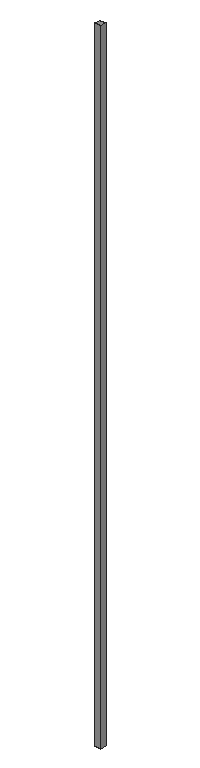
Revit family "Aluminum Batten", category Generic Models, Revit 2025
Family settings
  Can host rebar = No
  Round Connector Dimension = Use Diameter
  Part Type = Normal
  Work Plane-Based = No
  Always vertical = Yes
  Cut with Voids When Loaded = No
  Maintain Annotation Orientation = No
  Shared = No
  Room Calculation Point = No
Parameters
  Size = 2"
  Material = Cherry
  Height = 213"
  Default Elevation = 0"
Reference planes (in)
  plane 1 "Center (Front/Back)": y = 0
  plane 2: z = 0
  plane 3 "Center (Left/Right)": x = 0
  plane 4: z = 213
Forms (in)
  Extrusion 1, solid, material "Cherry" <- "Material"
    sketch origin (0, 0, 0) x (1, 0, 0) y (0, 1, 0)
      loop
        line (-1, 1) -> (-1, -1) -> (1, -1) -> (1, 1) -> (-1, 1)
    from 0 to 213
Dimensions and locks (in)
  equal spacing: Extrusion 1 sketch curve, plane 3 "Center (Left/Right)", Extrusion 1 sketch curve
  equal spacing: Extrusion 1 sketch curve, plane 1 "Center (Front/Back)", Extrusion 1 sketch curve
  "Size": Extrusion 1 sketch curve to Extrusion 1 sketch curve  (x2)
  "Height": plane 4 to plane 2
  aligned and locked: level to plane 2
  aligned and locked: plane 4 to Extrusion 1
